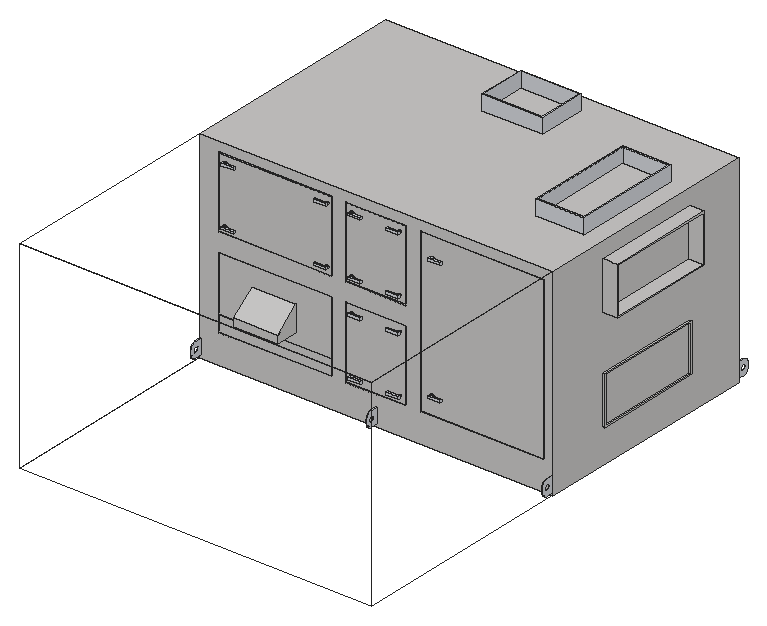
Revit family "DN-3IN-EH-1FP", category Mechanical Equipment, Revit 2019
Family settings
  Round Connector Dimension = Use Diameter
  Part Type = Normal
  OmniClass Number = 23.75.00.00
  OmniClass Title = Climate Control (HVAC)
  Work Plane-Based = No
  Always vertical = Yes
  Cut with Voids When Loaded = No
  Shared = No
  Room Calculation Point = No
Parameters (values of type "2 @ 2.70 kW ea.")
  Voltage [instance] = "200-240 V"
  Unit Weight Range (lbs) [instance] = "2350-2850 lbs."
  Max. Shipping Weight (lbs) [instance] = "2575-3000 lbs."
  Unit Dimensions (L x W x H) [instance] = "123-1/4\" x 86-5/8\" x 71-7/8\""
  Shipping Dimensions (L x W x H) [instance] = "140\" x 90\" x 77\""
  Unit [instance] = Renewaire - Galvanized Steel
  URL = "www.renewaire.com"
  Typical Airflow Range = "750-3300 CFM"
  Standard Features [instance] = "EC Motors for both airstreams, Direct drive backward inclined plenum, Higher ESP of up to 2.5\" w.g. at 3,000 CFM, Integrated programmable controls, True 100% face and bypass enthalpy based modulating economizer, Class 1 low leakage motorized isolation dampers, Stainless steel double-sloped drain pan with cooling option, 1\" Double wall foam injected 20 gauge galvanized panel construction with R6.5 insulation"
  Service Area Visibility [instance] = yes
  Service Area Box [instance] = Renewaire - Interference
  Revit Object Download Link [instance] = ""
  Phase [instance] = "Three"
  Options [instance] = "Heat pump, Modulating hot gas reheat, Steam or hot water coil, gas heat module or electric heater, Onboard variable frequency drives (VFDs) - both airstreams, Fused disconnect, Spring isolators (VFDs only), 2\" Double wall foam injected 20 gauge galvanized panel construction with R13 insulation, Exterior paint - grey, white, custom color, BACNET factory activation, GFCI convenience outlet, Recirculation damper, Drain overflow switch, Electrofin coating for coils"
  Number Motors [instance] = "Qty. 2, Direct drive motorized impeller packages"
  Model = "DN-3IN-1FP-EH"
  Minimum Circuit Amps [instance] = "19.4 A"
  Maximum Overcurrent Protection [instance] = "25 A"
  Manufacturer = "Renewaire LLC"
  Inlets/Outlets [instance] = "OA & RA Inlets: 36\" x 16\", SA Outlet: 24\" x 16\", EA Outlet: 20\" x 16\""
  Frequency [instance] = "50/60 Hz"
  Filters [instance] = "Total qty. 6, MERV 8: 20\" x 20\" x 2\""
  FLA per Motor [instance] = "8.6-7.2"
  Energy Recovery Type [instance] = "Static plate total energy transfer"
  Description = "Energy Recovery Ventilator"
  Accessories [instance] = "Filters - MERV 13, 2\"  and 4\" (shipped loose), MERV 14, 2\" and 4\" (shipped loose), Additional filters available upon request, Duct mounted electric pre-heater (separately powered), Carbon dioxide sensor/control - wall mount (CO2-W), duct mount (CO2-D), IAQ sensor - wall mount (IAQ-W), duct mount (IAQ-D), Motion occupancy sensor/control - ceiling mount (MC-C), wall mount (MC-W), Smoke detector, Room temperature and humidity sensor, Duct static pressure sensor with display to 10\", without display 0-2\", Room pressure sensor with display to 1\", without display 0-1\", Waterless trap negative pressure, Waterless trap positive pressure, Remote display"
  AHRI 1060 Certified Core [instance] = "Three L-125-G5"
Types (6): name | Voltage | Options | Minimum Circuit Amps | Maximum Overcurrent Protection | FLA per Motor
  (no name) | "200-240 V" | "Heat pump, Modulating hot gas reheat, Steam or hot water coil, gas heat module or electric heater, Onboard variable frequency drives (VFDs) - both airstreams, Fused disconnect, Spring isolators (VFDs only), 2\" Double wall foam injected 20 gauge galvanized panel construction with R13 insulation, Exterior paint - grey, white, custom color, BACNET factory activation, GFCI convenience outlet, Recirculation damper, Drain overflow switch, Electrofin coating for coils" | "19.4 A" | "25 A" | "8.6-7.2"
  2 @ 2.70 kW ea. | "200-240 V" | "Heat pump, Modulating hot gas reheat, Steam or hot water coil, gas heat module or electric heater, Onboard variable frequency drives (VFDs) - both airstreams, Fused disconnect, Spring isolators (VFDs only), 2\" Double wall foam injected 20 gauge galvanized panel construction with R13 insulation, Exterior paint - grey, white, custom color, BACNET factory activation, GFCI convenience outlet, Recirculation damper, Drain overflow switch, Electrofin coating for coils" | "19.4 A" | "25 A" | "8.6-7.2"
  2 @ 3.70 kW ea. | "380-480 V" | "Heat pump, Modulating hot gas reheat, Steam or hot water coil, gas heat module or electric heater, Onboard variable frequency drives (VFDs) - both airstreams, Fused disconnect, Spring isolators (VFDs only), 2\" Double wall foam injected 20 gauge galvanized panel construction with R13 insulation, Exterior paint - grey, white, custom color, BACNET factory activation, GFCI convenience outlet, Recirculation damper, Drain overflow switch, Electrofin coating for coils" | "13.5 A" | "15 A" | "6.0-4.6"
  2 @ 5HP ea. 208-230V | "208-230 V" | "Heat pump, Modulating hot gas reheat, Steam or hot water coil, gas heat module or electric heater, Onboard variable frequency drives (VFDs) - both airstreams, Fused disconnect, Spring isolators (VFDs only), 2\" Double wall foam injected 20 gauge galvanized panel construction with R13 insulation, Exterior paint - grey, white, custom color, BACNET factory activation, GFCI convenience outlet, Recirculation damper, Drain overflow switch, Electrofin coating for coils" | "31.3 A" | "45 A" | "13.9-13.4/6.7"
  2 @ 5HP ea. 460V | "460V" | "Heat pump, Modulating hot gas reheat, Steam or hot water coil, gas heat module or electric heater, Onboard variable frequency drives (VFDs) - both airstreams, Fused disconnect, Spring isolators (VFDs only), 2\" Double wall foam injected 20 gauge galvanized panel construction with R13 insulation, Exterior paint - grey, white, custom color, BACNET factory activation, GFCI convenience outlet, Recirculation damper, Drain overflow switch, Electrofin coating for coils" | "15.1 A" | "20 A" | "6.7"
  2 @ 5HP ea. 575V | "575V" | "Heat pump, Modulating hot gas reheat, Steam or hot water coil, gas heat module or electric heater, Onboard variable frequency drives (VFDs) - both airstreams, Fused disconnect, Spring isolators (VFDs only), 2\" Double wall foam injected 20 gauge galvanized panel construction with R13 insulation, Exterior paint - grey, white, custom color, Salt spray - 2500 hours, BACNET factory activation, GFCI convenience outlet, Recirculation damper, Drain overflow switch, Electrofin coating for coils" | "11.9 A" | "15 A" | "5.3"
Reference planes (in)
  plane 1 "Center (Front/Back)": y = 0
  plane 2: z = 0
  plane 3 "Center (Left/Right)": x = 0
  plane 4: y = -38.6875
  plane 5: x = -46.375
Forms (in)
  Extrusion 1, solid, material "Renewaire - Galvanized Steel" <- "Unit"
    sketch origin (0, 0, 0) x (0, 1, 0) y (0, 0, 1)
      loop
        line (38.6875, 66.875) -> (-38.6875, 66.875) -> (-38.6875, 0) -> (38.6875, 0) -> (38.6875, 66.875)
    from 70.875 to -46.375
  Extrusion 2, void
    sketch origin (0, 0, 0) x (1, 0, 0) y (0, 0, 1)
      loop
        line (-40.29084, 63.82394) -> (-40.29084, 39.82168) -> (-2.29085, 39.82168) -> (-2.29085, 63.82394) -> (-40.29084, 63.82394)
      loop
        line (22.23876, 63.82394) -> (2.23876, 63.82394) -> (2.23876, 39.82168) -> (22.23876, 39.82168) -> (22.23876, 63.82394)
      loop
        line (68.1547, 63.82394) -> (27.15471, 63.82394) -> (27.15471, 9.82169) -> (68.1547, 9.82169) -> (68.1547, 63.82394)
      loop
        line (-40.29084, 33.82282) -> (-40.29084, 9.82055) -> (-2.29085, 9.82055) -> (-2.29085, 33.82282) -> (-40.29084, 33.82282)
      loop
        line (22.23876, 33.82282) -> (2.23876, 33.82282) -> (2.23876, 9.82055) -> (22.23876, 9.82055) -> (22.23876, 33.82282)
    from 39.6875 to 37.6875
  Extrusion 3, solid, material "Renewaire - Galvanized Steel" <- "Unit"
    sketch origin (0, 0, 0) x (0, 1, 0) y (0, 0, 1)
      loop
        line (12.02253, 30.88417) -> (-11.97747, 30.88417) -> (-11.97747, 14.88417) -> (12.02253, 14.88417) -> (12.02253, 30.88417)
      loop
        line (11.77253, 30.63417) -> (-11.72747, 30.63417) -> (-11.72747, 15.13417) -> (11.77253, 15.13417) -> (11.77253, 30.63417)
    from -46.375 to -47.375
  Extrusion 4, solid, material "Renewaire - Galvanized Steel" <- "Unit"
    sketch origin (0, 0, 0) x (1, 0, 0) y (0, 0, 1)
      loop
        line (-40.04084, 63.57394) -> (-40.04084, 40.07168) -> (-2.54085, 40.07168) -> (-2.54085, 63.57394) -> (-40.04084, 63.57394)
      loop
        line (27.40471, 63.57394) -> (27.40471, 10.07169) -> (67.9047, 10.07169) -> (67.9047, 63.57394) -> (27.40471, 63.57394)
      loop
        line (-40.04084, 33.57282) -> (-40.04084, 15.32055) -> (-2.54085, 15.32055) -> (-2.54085, 33.57282) -> (-40.04084, 33.57282)
      loop
        line (-40.04084, 10.07055) -> (-2.54085, 10.07055) -> (-2.54085, 15.07055) -> (-40.04084, 15.07055) -> (-40.04084, 10.07055)
      loop
        line (2.48876, 63.57394) -> (2.48876, 40.07168) -> (21.98876, 40.07168) -> (21.98876, 63.57394) -> (2.48876, 63.57394)
      loop
        line (2.48876, 33.57282) -> (2.48876, 10.07055) -> (21.98876, 10.07055) -> (21.98876, 33.57282) -> (2.48876, 33.57282)
    from 38.6875 to 37.6875
  Extrusion 5, solid, material "Renewaire - Galvanized Steel" <- "Unit"
    sketch origin (0, 0, 0) x (0, 1, 0) y (0, 0, 1)
      loop
        line (-17.97746, 27.82167) -> (-17.97746, 11.82167) -> (18.02254, 11.82167) -> (18.02254, 27.82167) -> (-17.97746, 27.82167)
      loop
        line (-17.72746, 27.57167) -> (-17.72746, 12.07167) -> (17.77254, 12.07167) -> (17.77254, 27.57167) -> (-17.72746, 27.57167)
    from 71.875 to 70.875
  Extrusion 6, solid, material "Renewaire - Galvanized Steel" <- "Unit"
    sketch origin (0, 0, 0) x (0, 1, 0) y (0, 0, 1)
      loop
        line (-17.97746, 61.86166) -> (-17.97746, 45.86166) -> (18.02254, 45.86166) -> (18.02254, 61.86166) -> (-17.97746, 61.86166)
      loop
        line (-17.72746, 61.61166) -> (-17.72746, 46.11166) -> (17.77254, 46.11166) -> (17.77254, 61.61166) -> (-17.72746, 61.61166)
    from 76 to 70.875
  Extrusion 7, solid, material "Renewaire - Galvanized Steel" <- "Unit"
    sketch origin (0, 0, 0) x (1, 0, 0) y (0, 0, 1)
      loop
        line (22.23876, 61.82394) -> (2.23875, 61.82394) -> (2.23875, 45.82395) -> (22.23876, 45.82395) -> (22.23876, 61.82394)
      loop
        line (21.98876, 61.57394) -> (2.48875, 61.57394) -> (2.48875, 46.07395) -> (21.98876, 46.07395) -> (21.98876, 61.57394)
    from -38.6875 to -43.6875
  Extrusion 8, void
    sketch origin (0, 0, 0) x (1, 0, 0) y (0, 1, 0)
      loop
        line (-44.375, 36.6875) -> (-44.375, -36.6875) -> (68.875, -36.6875) -> (68.875, 36.6875) -> (-44.375, 36.6875)
    from -1 to 6
  Extrusion 9, void
    sketch origin (0, 0, 0) x (1, 0, 0) y (0, 1, 0)
      loop
        line (64.82319, 18.02251) -> (48.8232, 18.02251) -> (48.8232, -17.97749) -> (64.82319, -17.97749) -> (64.82319, 18.02251)
      loop
        line (-22.65629, 11.9775) -> (-38.65629, 11.9775) -> (-38.65629, -12.0225) -> (-22.65629, -12.0225) -> (-22.65629, 11.9775)
    from 4 to 6.125
  Extrusion 10, solid, material "Renewaire - Galvanized Steel" <- "Unit"
    sketch origin (0, 0, 0) x (0, 1, 0) y (0, 0, 1)
      loop
        circle (-17.81314, 21.39443) r 3
      loop
        circle (-17.81314, 21.26398) r 2.75
    from -47.375 to -46.375
  Extrusion 11, solid, material "Renewaire - Interference" <- "Service Area Box"
    sketch origin (0, 0, 0) x (1, 0, 0) y (0, 1, 0)
      loop
        line (-46.375, -38.6875) -> (-46.375, -113.6875) -> (70.875, -113.6875) -> (70.875, -38.6875) -> (-46.375, -38.6875)
    from 0 to 66.875
  Extrusion 12, solid
    sketch origin (0, 0, 0) x (1, 0, 0) y (0, 1, 0)
      loop
        line (3.22342, 32.67251) -> (3.22342, 16.67251) -> (23.22341, 16.67251) -> (23.22341, 32.67251) -> (3.22342, 32.67251)
      loop
        line (22.97341, 32.42251) -> (3.47342, 32.42251) -> (3.47342, 16.92251) -> (22.97341, 16.92251) -> (22.97341, 32.42251)
      loop
        line (48.8232, 18.02251) -> (48.8232, -17.97749) -> (64.82319, -17.97749) -> (64.82319, 18.02251) -> (48.8232, 18.02251)
      loop
        line (64.57319, 17.77251) -> (49.0732, 17.77251) -> (49.0732, -17.72749) -> (64.57319, -17.72749) -> (64.57319, 17.77251)
    from 66.875 to 71.875
  Extrusion 13, solid, material "Renewaire - Galvanized Steel" <- "Unit"
    sketch origin (0, 0, 0) x (0, 1, 0) y (0, 0, 1)
      loop
        line (-38.6875, 27.36287) -> (-46.3706, 21.36017) -> (-46.3706, 18.86017) -> (-38.6875, 18.86017) -> (-38.6875, 27.36287)
    from -29 to -14.5
Cuts and joins
  Extrusion 2, Extrusion 8, Extrusion 9 cuts Extrusion 1
Dimensions and locks (in)
  aligned and locked: level to plane 2
  aligned and locked: cut or joined group of Extrusion 1, Extrusion 2, Extrusion 8, Extrusion 9 to Extrusion 4
  aligned and locked: Extrusion 4 to plane 4
  aligned and locked: Extrusion 6 to cut or joined group of Extrusion 1, Extrusion 2, Extrusion 8, Extrusion 9
  aligned and locked: Extrusion 7 to cut or joined group of Extrusion 1, Extrusion 2, Extrusion 8, Extrusion 9
  aligned and locked: Extrusion 3 to Extrusion 10
  aligned and locked: plane 5 to Extrusion 10
  aligned and locked: cut or joined group of Extrusion 1, Extrusion 2, Extrusion 8, Extrusion 9 to nested 2
  aligned and locked: nested 1 to cut or joined group of Extrusion 1, Extrusion 2, Extrusion 8, Extrusion 9
  aligned and locked: Extrusion 11 sketch curve to cut or joined group of Extrusion 1, Extrusion 2, Extrusion 8, Extrusion 9  (x2)
  aligned and locked: Extrusion 11 to level
Nested families (in)
  nested 1: "Lifting Lug" at (-46.125, -38.6875, 0.74993) x (0, -1, 0) z (0, 0, 1), Material <- "Unit", type "Lifting Lug"
    with Material Renewaire - Galvanized Steel
  nested 2: "Handle" at (-4.03191, -38.6875, 61.21643), type "Handle"
    with Right Handle no, Left Handle yes, Flip yes
  nested 3: "Lifting Lug" at (70.7892, -38.6875, 0.74993) x (0, -1, 0) z (0, 0, 1), Material <- "Unit", type "Lifting Lug"
    with Material Renewaire - Galvanized Steel
  nested 4: "Handle" at (-4.03191, -38.6875, 42.21643), type "Handle"
    with Right Handle no, Left Handle yes, Flip yes
  nested 5: "Handle" at (-37.94507, -38.6875, 61.21643) x (-1, 0, 0) z (0, 0, 1), type "Handle"
    with Right Handle no, Left Handle yes, Flip yes
  nested 6: "Handle" at (-37.94507, -38.6875, 42.21643) x (-1, 0, 0) z (0, 0, 1), type "Handle"
    with Right Handle no, Left Handle yes, Flip yes
  nested 7: "Handle" at (20.19534, -38.6875, 61.21643), type "Handle"
    with Right Handle no, Left Handle yes, Flip yes
  nested 8: "Handle" at (20.19534, -38.6875, 42.21643), type "Handle"
    with Right Handle no, Left Handle yes, Flip yes
  nested 9: "Handle" at (4.28217, -38.6875, 61.21643) x (-1, 0, 0) z (0, 0, 1), type "Handle"
    with Right Handle no, Left Handle yes, Flip yes
  nested 10: "Handle" at (4.28217, -38.6875, 42.21643) x (-1, 0, 0) z (0, 0, 1), type "Handle"
    with Right Handle no, Left Handle yes, Flip yes
  nested 11: "Handle" at (20.19534, -38.6875, 31.2153), type "Handle"
    with Right Handle no, Left Handle yes, Flip yes
  nested 12: "Handle" at (20.19534, -38.6875, 12.2153), type "Handle"
    with Right Handle no, Left Handle yes, Flip yes
  nested 13: "Handle" at (4.28217, -38.6875, 31.2153) x (-1, 0, 0) z (0, 0, 1), type "Handle"
    with Right Handle no, Left Handle yes, Flip yes
  nested 14: "Handle" at (4.28217, -38.6875, 12.2153) x (-1, 0, 0) z (0, 0, 1), type "Handle"
    with Right Handle no, Left Handle yes, Flip yes
  nested 15: "Lifting Lug" at (70.7892, 38.6875, 0.74993) x (0, 1, 0) z (0, 0, 1), Material <- "Unit", type "Lifting Lug"
    with Material Renewaire - Galvanized Steel
  nested 16: "Lifting Lug" at (-46.125, 38.6875, 0.74993) x (0, 1, 0) z (0, 0, 1), Material <- "Unit", type "Lifting Lug"
    with Material Renewaire - Galvanized Steel
  nested 17: "Handle" at (30.90471, -38.6875, 57.07394) x (-1, 0, 0) z (0, 0, 1), type "Handle"
    with Right Handle no, Left Handle yes, Flip yes
  nested 18: "Handle" at (30.90471, -38.6875, 16.09892) x (-1, 0, 0) z (0, 0, 1), type "Handle"
    with Right Handle no, Left Handle yes, Flip yes
  nested 19: "Lifting Lug" at (12.37302, 38.6875, 0.74993) x (0, 1, 0) z (0, 0, 1), Material <- "Unit", type "Lifting Lug"
    with Material Renewaire - Galvanized Steel
  nested 20: "Lifting Lug" at (12.37302, -38.6875, 0.74993) x (0, -1, 0) z (0, 0, 1), Material <- "Unit", type "Lifting Lug"
    with Material Renewaire - Galvanized Steel
Connectors (in)
  hvac at (-47.375, 0.02253, 22.88417)
    settings: on Extrusion 3, index 1, duct flow 0 CFM, flow factor 0, pres drop 0.00 in-wg, loss coef 0, conn angle 0.00°, conn width 24", conn height 16", conn diameter 24", duct sys type 1, conn prof type 1, flow config 0, flow direction 2, loss method 0, conn ref index -1, conn util no, is conn primary yes, conn desc "Supply Air (SA)"
  hvac at (56.8232, 0.02251, 6)
    settings: on cut or joined group of Extrusion 1, Extrusion 2, Extrusion 8, Extrusion 9, index 3, duct flow 0 CFM, flow factor 0, pres drop 0.00 in-wg, loss coef 0, conn angle 0.00°, conn width 36", conn height 16", conn diameter 24", duct sys type 2, conn prof type 1, flow config 0, flow direction 1, loss method 0, conn ref index -1, conn util no, is conn primary no, conn desc "Return Air (RA)"
  hvac at (71.875, 0.02254, 19.82167)
    settings: on Extrusion 5, index 4, duct flow 0 CFM, flow factor 0, pres drop 0.00 in-wg, loss coef 0, conn angle 0.00°, conn width 36", conn height 16", conn diameter 24", duct sys type 2, conn prof type 1, flow config 0, flow direction 1, loss method 0, conn ref index -1, conn util no, is conn primary no, conn desc "Return Air (RA)"
  hvac at (76, 0.02254, 53.86166)
    settings: on Extrusion 6, index 5, duct flow 0 CFM, flow factor 0, pres drop 0.00 in-wg, loss coef 0, conn angle 0.00°, conn width 36", conn height 16", conn diameter 24", duct sys type 4, conn prof type 1, flow config 0, flow direction 1, loss method 0, conn ref index -1, conn util no, is conn primary no, conn desc "Outside Air (AO)"
  hvac at (12.23876, 43.6875, 53.82395)
    settings: on Extrusion 7, index 8, duct flow 0 CFM, flow factor 0, pres drop 0.00 in-wg, loss coef 0, conn angle 0.00°, conn width 20", conn height 16", conn diameter 24", duct sys type 3, conn prof type 1, flow config 0, flow direction 2, loss method 0, conn ref index -1, conn util no, is conn primary no, conn desc "Exhaust Air (EA)"
  hvac at (-30.65629, -0.0225, 6.125)
    settings: on cut or joined group of Extrusion 1, Extrusion 2, Extrusion 8, Extrusion 9, index 9, duct flow 0 CFM, flow factor 0, pres drop 0.00 in-wg, loss coef 0, conn angle 0.00°, conn width 16", conn height 24", conn diameter 24", duct sys type 1, conn prof type 1, flow config 0, flow direction 2, loss method 0, conn ref index -1, conn util no, is conn primary no, conn desc "Supply Air (SA)"
  hvac at (13.22341, 24.67251, 71.875)
    settings: on Extrusion 12, index 10, duct flow 0 CFM, flow factor 0, pres drop 0.00 in-wg, loss coef 0, conn angle 0.00°, conn width 20", conn height 16", conn diameter 24", duct sys type 3, conn prof type 1, flow config 0, flow direction 2, loss method 0, conn ref index -1, conn util no, is conn primary no, conn desc "Exhaust Air (EA)"
  hvac at (56.8232, 0.02251, 71.875)
    settings: on Extrusion 12, index 11, duct flow 0 CFM, flow factor 0, pres drop 0.00 in-wg, loss coef 0, conn angle 0.00°, conn width 16", conn height 36", conn diameter 24", duct sys type 4, conn prof type 1, flow config 0, flow direction 1, loss method 0, conn ref index -1, conn util no, is conn primary no, conn desc "Outside Air (AO)"
Definition of nested family "Lifting Lug"
  Parameters (values of type "Lifting Lug")
    Material [instance] = none
  Reference planes (in)
    plane 1 "Center (Front/Back)": y = 0
    plane 2: z = 0
    plane 3 "Center (Left/Right)": x = 0
  Forms (in)
    Extrusion 1, solid
      sketch origin (0, 0, 0) x (1, 0, 0) y (0, 0, 1)
        loop
          line (0, 0.1875) -> (2, 0.1875)
          arc (2, 0.1875) -> (3.41421, 0.77329) -> (4, 2.1875) r 2
          line (4, 2.1875) -> (4, 3.1875)
          arc (4, 3.1875) -> (3.41421, 4.60171) -> (2, 5.1875) r 2
          line (2, 5.1875) -> (0, 5.1875) -> (0, 0.1875)
        loop
          circle (2.125, 2.6875) r 1
      from 0 to 0.25
  Dimensions and locks (in)
    aligned and locked: plane 2 to level
Definition of nested family "Handle"
  Parameters (values of type "Handle")
    Right Handle [instance] = not(Flip)  # no
    Material = none
    Left Handle [instance] = Flip  # yes
    Flip [instance] = yes
  Reference planes (in)
    plane 1 "Center (Front/Back)": y = 0
    plane 2: z = 0
    plane 3 "Center (Left/Right)": x = 0
  Forms (in)
    Extrusion 1, solid, material <- "Material"
      sketch origin (0, 0, 0) x (1, 0, 0) y (0, 0, 1)
        loop
          circle (0, 0) r 0.375
      from 0 to 0.75
    Extrusion 2, solid, material <- "Material", visible <- "Right Handle"
      sketch origin (0, 0, 0) x (1, 0, 0) y (0, 1, 0)
        loop
          line (-0.375, -0.75) -> (-0.375, -1.25) -> (3.625, -1.25) -> (3.625, -0.75) -> (-0.375, -0.75)
      from -0.375 to 0.375
    Extrusion 3, solid, material <- "Material", visible <- "Left Handle"
      sketch origin (-3.25, 0, 0) x (1, 0, 0) y (0, 1, 0)
        loop
          line (-0.375, -0.75) -> (-0.375, -1.25) -> (3.625, -1.25) -> (3.625, -0.75) -> (-0.375, -0.75)
      from -0.375 to 0.375
  Dimensions and locks (in)
    aligned and locked: plane 2 to level
